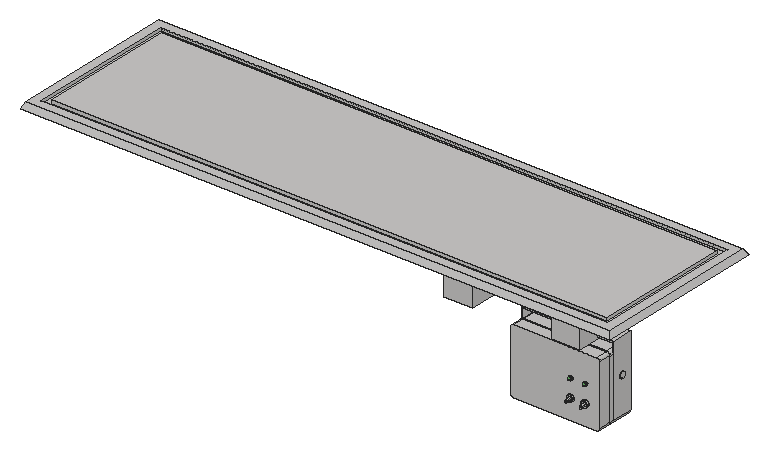
Revit family "QF_MACOM_PAX_PL", category Equipamento especial, Revit 2020
Family settings
  Cota do conector redondo = Utilizar diâmetro
  Tipo de parte = Normal
  Número OmniClass = 23.40.40.14.24.14
  Título OmniClass = Service Line Equipment
  Com base no plano de trabalho = Não
  Sempre na vertical = Sim
  Corte com vazios quando carregada = Não
  Compartilhado = Não
  Ponto de cálculo do ambiente = Não
Parameters (values of type "PA6-PL")
  Work Temperature = "20°C a 95°C"
  Width = 590.000 mm
  Weight = 0 kg
  Volume = 0.43 m³
  Volts = 220 V
  URL = "https://www.acosmacom.com.br/produtos/plug-in-pista-caliente-electrica/"
  Modelo = "PA6-PL"
  Length = 2015.000 mm
  Height = 370.000 mm
  GN Capacity 1/1 = "06"
  Fabricante = "MACOM"
  Elevação padrão = 0.000 mm
  Electric Power = 6000 W
  Electric Connection Height = 229.000 mm
  Descrição = "PISTA AQUECIDA PLANA INOX PLUG-IN MACOM"
  Assembly Code = ""
  Cycle = 60 Hz
Types (6, lengths in mm): name | Volume | Modelo | Length | GN Capacity 1/1 | Electric Power
  (no name) | 0.43 m³ | "PA6-PL" | 2015.000 | "06" | 6000 W
  PA2-PL | 0.15 m³ | "PA2-PL" | 715.000 | "02" | 2000 W
  PA3-PL | 0.22 m³ | "PA3-PL" | 1040.000 | "03" | 3000 W
  PA4-PL | 0.29 m³ | "PA4-PL" | 1365.000 | "04" | 4000 W
  PA5-PL | 0.36 m³ | "PA5-PL" | 1690.000 | "05" | 5000 W
  PA6-PL | 0.43 m³ | "PA6-PL" | 2015.000 | "06" | 6000 W
Reference planes
  plane 1 "Center (Front/Back)": y = 0
  plane 2: z = 0
  plane 3 "Center (Left/Right)": x = 0
  plane 4: x = -2015
  plane 5: y = -590
  plane 6: z = 370
  plane 7: z = -16
  plane 8: z = 350
  plane 9: x = -96
  plane 10: x = -403
  plane 11: z = 226
  plane 12: x = -615.75
  plane 13: x = -517.75
  plane 14: x = -248
  plane 15: x = -150
  plane 16: y = -530.6
  plane 17: y = -342
  plane 18: y = -56.2
  plane 19: y = -244
  plane 20: y = -460
  plane 21: z = 370
  plane 22: z = 360
Forms (mm)
  Blend 1, solid, material "QF_Stainless-Polished"
    base sketch origin (0, 0, 350) x (1, 0, 0) y (0, 1, 0)
      loop
        line (-2015, 0) -> (-2015, -590) -> (0, -590) -> (0, 0) -> (-2015, 0)
    top sketch origin (0, 0, 0) x (1, 0, 0) y (0, 1, 0)
      loop
        line (-2005, -10) -> (-2005, -580) -> (-10, -580) -> (-10, -10) -> (-2005, -10)
    from 0 to 370
  Extrusion 2, solid, material "QF_Stainless-Polished"
    sketch origin (0, 0, 350) x (1, 0, 0) y (0, 1, 0)
      loop
        line (-1991, -24) -> (-1991, -566) -> (-24, -566) -> (-24, -24) -> (-1991, -24)
    from 0 to -16
  Extrusion 3, solid, material "QF_Stainless-Polished"
    sketch origin (0, 0, 334) x (0, 1, 0) y (1, 0, 0)
      loop
        line (-56.2, -615.75) -> (-56.2, -517.75) -> (-244, -517.75) -> (-244, -248) -> (-56.2, -248) -> (-56.2, -150) -> (-530.6, -150) -> (-530.6, -248) -> (-342, -248) -> (-342, -517.75) -> (-530.6, -517.75) -> (-530.6, -615.75) -> (-56.2, -615.75)
    from 0 to 94
  Extrusion 4, solid, material "QF_Stainless-Polished"
    sketch origin (-401, -387, 226) x (1, 0, 0) y (0, 0, -1)
      loop
        line (153, -78) -> (153, -23) -> (0, -23) -> (0, 211) -> (-5, 211) -> (-5, -29) -> (150.491, -29) -> (150.491, -78) -> (153, -78)
      loop
        line (306, 211) -> (306, -23) -> (251, -23) -> (251, -78) -> (253.772, -78) -> (253.772, -29) -> (308.772, -29) -> (308.772, 211) -> (306, 211)
    from 0 to -73
  Extrusion 5, solid, material "QF_Stainless-Polished"
    sketch origin (-92.228, -387, 255) x (0, 0, -1) y (0, 1, 0)
      loop
        circle (114, -41) r 9.525
    from 0 to 6.35
  Extrusion 6, void
    sketch origin (0, 0, 720) x (0, 1, 0) y (1, 0, 0)
      loop
        line (-59.5, -1955.5) -> (-59.5, -59.5) -> (-530.5, -59.5) -> (-530.5, -1955.5) -> (-59.5, -1955.5)
      loop
        line (-39.5, -1975.5) -> (-39.5, -39.5) -> (-550.5, -39.5) -> (-550.5, -1975.5) -> (-39.5, -1975.5)
    from 360 to 350
Cuts and joins
  Extrusion 6 cuts Blend 1
  Extrusion 6 cuts Extrusion 2
  joined: Blend 1, Extrusion 2
Lines and regions (mm)
  symbolic lines
    curve 1: line (-2015, 0, 0) -> (0, 0, 0)
    curve 2: line (0, 0, 0) -> (0, -590, 0)
    curve 3: line (0, -590, 0) -> (-2015, -590, 0)
    curve 4: line (-2015, -590, 0) -> (-2015, 0, 0)
    curve 5: line (-2015, 0, 0) -> (-2005, -10, 0)
    curve 6: line (-2005, -10, 0) -> (-10, -10, 0)
    curve 7: line (-10, -10, 0) -> (0, 0, 0)
    curve 8: line (-10, -10, 0) -> (-10, -580, 0)
    curve 9: line (-10, -580, 0) -> (0, -590, 0)
    curve 10: line (-10, -580, 0) -> (-2005, -580, 0)
    curve 11: line (-2005, -580, 0) -> (-2015, -590, 0)
    curve 12: line (-2005, -580, 0) -> (-2005, -10, 0)
    curve 13: line (-1991, -24, 0) -> (-24, -24, 0)
    curve 14: line (-1991, -566, 0) -> (-1991, -24, 0)
    curve 15: line (-24, -566, 0) -> (-1991, -566, 0)
    curve 16: line (-24, -24, 0) -> (-24, -566, 0)
    curve 17: line (-1975.5, -39.5, 0) -> (-39.5, -39.5, 0)
    curve 18: line (-1975.5, -550.5, 0) -> (-1975.5, -39.5, 0)
    curve 19: line (-39.5, -550.5, 0) -> (-1975.5, -550.5, 0)
    curve 20: line (-39.5, -39.5, 0) -> (-39.5, -550.5, 0)
Dimensions and locks
  "Height": plane 6 to level
  "Length": plane 4 to plane 3 "Center (Left/Right)"
  "Width": plane 1 "Center (Front/Back)" to plane 5
  locked: plane 12 to plane 13 at 98
  locked: plane 14 to plane 15 at 98
  locked: plane 12 to plane 15 at 465.75
  plane 15 to plane 3 "Center (Left/Right)" = 150.000 mm
  locked: plane 18 to plane 16 at 474.4
  locked: plane 1 "Center (Front/Back)" to plane 18 at 56.2
  plane 17 to plane 5 = 248.000 mm
  locked: plane 19 to plane 17 at 98
  locked: nested 1 to Extrusion 5 sketch curve at 85
  locked: plane 6 to Extrusion 5 sketch curve at 229
  locked: Extrusion 6 sketch curve to Extrusion 6 sketch curve at 20  (x4)
  locked: Extrusion 6 sketch curve to plane 1 "Center (Front/Back)" at 39.5
  locked: Extrusion 6 sketch curve to plane 5 at 39.5
  locked: Extrusion 6 sketch curve to plane 3 "Center (Left/Right)" at 39.5
  locked: plane 4 to Extrusion 6 sketch curve at 39.5
  aligned and locked: level to plane 2
  aligned and locked: plane 6 to cut or joined group of Blend 1, Extrusion 2, Extrusion 6
  aligned and locked: plane 11 to nested 1
  aligned and locked: plane 8 to cut or joined group of Blend 1, Extrusion 2, Extrusion 6
  aligned and locked: plane 13 to Extrusion 3 sketch curve
  aligned and locked: plane 12 to Extrusion 3 sketch curve
  aligned and locked: plane 17 to Extrusion 3 sketch curve
  aligned and locked: plane 16 to Extrusion 3 sketch curve
  aligned and locked: plane 14 to Extrusion 3 sketch curve
  aligned and locked: plane 15 to Extrusion 3 sketch curve
  aligned and locked: plane 19 to Extrusion 3 sketch curve
  aligned and locked: plane 18 to Extrusion 3 sketch curve
  aligned and locked: Extrusion 3 sketch curve to Extrusion 3 sketch curve  (x4)
  aligned and locked: Extrusion 4 sketch curve to nested 1  (x2)
  aligned and locked: Extrusion 4 sketch curve to Extrusion 3  (x2)
  aligned and locked: plane 20 to Extrusion 4
  aligned and locked: Extrusion 4 to nested 1
  aligned and locked: plane 6 to plane 21
  aligned and locked: curve 13 to cut or joined group of Blend 1, Extrusion 2, Extrusion 6
  aligned and locked: curve 14 to cut or joined group of Blend 1, Extrusion 2, Extrusion 6
  aligned and locked: curve 15 to cut or joined group of Blend 1, Extrusion 2, Extrusion 6
  aligned and locked: curve 16 to cut or joined group of Blend 1, Extrusion 2, Extrusion 6
  aligned and locked: curve 17 to cut or joined group of Blend 1, Extrusion 2, Extrusion 6
  aligned and locked: curve 18 to cut or joined group of Blend 1, Extrusion 2, Extrusion 6
  aligned and locked: curve 19 to cut or joined group of Blend 1, Extrusion 2, Extrusion 6
  aligned and locked: curve 20 to cut or joined group of Blend 1, Extrusion 2, Extrusion 6
Automatic sketch dimensions
  Blend 1 sketch curve to plane 4 = 0.000 mm
  Blend 1 sketch curve to plane 3 "Center (Left/Right)" = 0.000 mm
  Blend 1 sketch curve to plane 5 = 0.000 mm
  plane 1 "Center (Front/Back)" to Blend 1 sketch curve = 0.000 mm
  plane 4 to Blend 1 sketch curve = 10.000 mm
  Blend 1 sketch curve to plane 3 "Center (Left/Right)" = 10.000 mm
  plane 5 to Blend 1 sketch curve = 10.000 mm
  plane 1 "Center (Front/Back)" to Blend 1 sketch curve = 10.000 mm
  plane 4 to Extrusion 2 sketch curve = 24.000 mm
  Extrusion 2 sketch curve to plane 3 "Center (Left/Right)" = 24.000 mm
  plane 5 to Extrusion 2 sketch curve = 24.000 mm
  plane 1 "Center (Front/Back)" to Extrusion 2 sketch curve = 24.000 mm
  nested 1 to Extrusion 4 sketch curve = 5.000 mm
  Extrusion 4 sketch curve to Extrusion 4 sketch curve = 2.509 mm
  Extrusion 4 sketch curve to Extrusion 4 sketch curve = 2.772 mm
  nested 1 to Extrusion 4 sketch curve = 2.772 mm
  nested 1 to Extrusion 4 sketch curve = 78.000 mm  (x2)
  nested 1 to Extrusion 4 sketch curve = 29.000 mm  (x2)
  Extrusion 4 sketch curve to Extrusion 4 sketch curve = 6.000 mm  (x2)
  Extrusion 4 sketch curve to nested 1 = 15.000 mm  (x2)
  plane 1 "Center (Front/Back)" to curve 1 = 0.000 mm
  curve 1 to plane 4 = 0.000 mm
  curve 3 to plane 3 "Center (Left/Right)" = 0.000 mm
  curve 3 to plane 5 = 0.000 mm
  plane 4 to curve 12 = 10.000 mm
  curve 9 to plane 3 "Center (Left/Right)" = 10.000 mm
  plane 5 to curve 9 = 10.000 mm
  plane 1 "Center (Front/Back)" to curve 5 = 10.000 mm
  radius of Extrusion 5 sketch curve = 9.525 mm
Nested families
  nested 1: "CAIXA_PISTA_AQUECIDA" at (-95, -471.5, 0), type "CAIXA_PISTA_AQUECIDA"
Connectors
  electrical at (-85.878, -428, 141), driven by "Volts"
    settings: on Extrusion 5, index 1, voltage 220 V, apparent load 0 VA, apparent load phase1 0 VA, apparent load phase2 0 VA, apparent load phase3 0 VA, power factor 1, load classification "Outro", number of poles 1, system type 30, power factor state 1, is connector primary yes, connector utility no, sub classification motor no, connector description ""
Definition of nested family "CAIXA_PISTA_AQUECIDA"
  Parameters (values of type "CAIXA_PISTA_AQUECIDA")
    Default Elevation = 0.000 mm
  Reference planes
    plane 1 "Center (Front/Back)": y = 0
    plane 2: z = 0
    plane 3 "Center (Left/Right)": x = 0
    plane 4: x = -306
    plane 5: z = 226
    plane 6: y = -41.5
    plane 7: y = 84.5
    plane 8: z = 131
  Forms (mm)
    Extrusion 1, solid
      sketch origin (0, 0, 0) x (1, 0, 0) y (0, 0, 1)
        loop
          arc (-304.5, 10.5) -> (-301.864, 4.136) -> (-295.5, 1.5) r 9
          line (-295.5, 1.5) -> (-10.5, 1.5)
          arc (-10.5, 1.5) -> (-4.136, 4.136) -> (-1.5, 10.5) r 9
          line (-1.5, 10.5) -> (-1.5, 215.5)
          arc (-1.5, 215.5) -> (-4.136, 221.864) -> (-10.5, 224.5) r 9
          line (-10.5, 224.5) -> (-295.5, 224.5)
          arc (-295.5, 224.5) -> (-301.864, 221.864) -> (-304.5, 215.5) r 9
          line (-304.5, 215.5) -> (-304.5, 10.5)
      from 0 to 41.5
    Extrusion 2, solid
      sketch origin (0, 0, 0) x (1, 0, 0) y (0, 0, 1)
        loop
          arc (-294, 226) -> (-302.485, 222.485) -> (-306, 214) r 12
          line (-306, 214) -> (-306, 12)
          arc (-306, 12) -> (-302.485, 3.515) -> (-294, 0) r 12
          line (-294, 0) -> (-12, 0)
          arc (-12, 0) -> (-3.515, 3.515) -> (0, 12) r 12
          line (0, 12) -> (0, 214)
          arc (0, 214) -> (-3.515, 222.485) -> (-12, 226) r 12
          line (-12, 226) -> (-294, 226)
      from 0 to -84.5
  Cuts and joins
    joined: Extrusion 1, Extrusion 2
  Dimensions and locks
    aligned and locked: level to plane 2
  Nested families
    nested 1: "LED VERDE" at (-51, -41.5, 131) x (-1, 0, 0) z (0, 0, 1), type "LED VERDE"
    nested 2: "LED VERDE" at (-101, -41.5, 131) x (-1, 0, 0) z (0, 0, 1), type "LED VERDE"
    nested 3: "BOTAO_SELETOR" at (-51, -41.5, 70), type "BOTAO_SELETOR"
    nested 4: "BOTAO_SELETOR" at (-101, -41.5, 70), type "BOTAO_SELETOR"
  Definition of nested family "LED VERDE"
    Parameters
      Default Elevation = 0.000 mm
      Conector elétrico de subalimentação [instance] = yes
      Classificação MCB [instance] = 1 A
      Alimentação através de conector elétrico [instance] = yes
    Reference planes
      plane 1 "Centro (Frente/Trás)": y = 0
      plane 2: z = 0
      plane 3 "Centro (Esquerda/Direita)": x = 0
    Forms (mm)
      Revolve 1, solid
        sketch origin (0, 0, 0) x (1, 0, 0) y (0, 1, 0)
          loop
            line (-4.3, 0) -> (0, 0) -> (0, 8.5) -> (-2.302, 8.5)
            arc (-2.302, 8.5) -> (-3.715, 7.915) -> (-4.3, 6.502) r 1.998
            line (-4.3, 6.502) -> (-4.3, 0)
          axis (0, 8.5) -> (0, 0)
        angle from 0 to 360
      Revolve 2, solid
        sketch origin (0, 0, 0) x (1, 0, 0) y (0, 1, 0)
          loop
            line (-6.5, 2.5) -> (-6.5, 0) -> (-4.3, 0) -> (-4.3, 2.5) -> (-6.5, 2.5)
          axis (0, 2.5) -> (0, 0)
        angle from 0 to 360
    Dimensions and locks
      aligned and locked: level to plane 2
  Definition of nested family "BOTAO_SELETOR"
    Parameters (values of type "BOTAO_SELETOR")
      Default Elevation = 0.000 mm
    Reference planes
      plane 1 "Center (Front/Back)": y = 0
      plane 2: z = 0
      plane 3 "Center (Left/Right)": x = 0
    Forms (mm)
      Extrusion 1, solid
        sketch origin (0, 0, 0) x (1, 0, 0) y (0, 0, 1)
          loop
            circle (0, 0) r 9
          loop
            circle (0, 0) r 11
        from 0 to 5
      Extrusion 2, solid
        sketch origin (0, 0, 0) x (1, 0, 0) y (0, 0, 1)
          loop
            circle (0, 0) r 9
        from 0 to 0.299
      Blend 3, solid
        base sketch origin (-25.046, -0.709, -0.182) x (1, 0, 0) y (0, -0.165093, 0.986278)
          loop
            circle (25.219, 0) r 2
        top sketch origin (-25.046, -0.709, -0.182) x (1, 0, 0) y (0, -0.165093, 0.986278)
          loop
            circle (25.219, 0) r 4
        from 0 to 20
    Cuts and joins
      joined: Extrusion 1, Extrusion 2, Blend 3
    Dimensions and locks
      aligned and locked: level to plane 2
